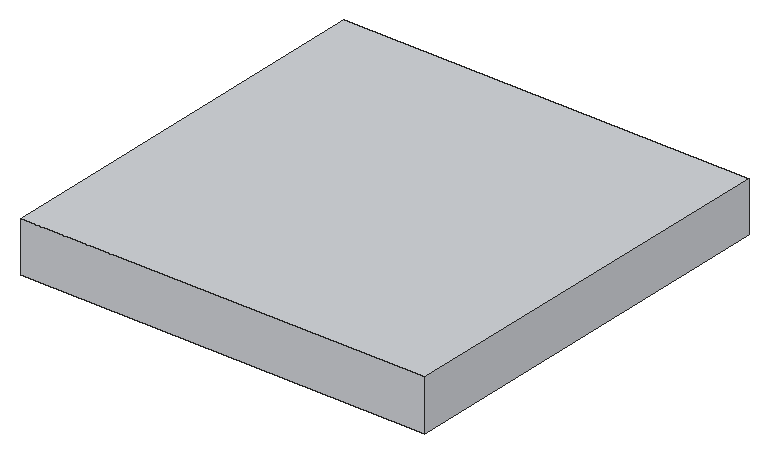
Revit family "90-6376-14-14", category Luminarias, Revit 2017
Family settings
  Anfitrión = Cara
  Cota de conector redondo = Diámetro de uso
  Tipo de pieza = Normal
  Número OmniClass = 23.80.70.00
  Título OmniClass = Lighting
  Corte con vacíos al cargar = No
  Origen de luz = No
  Compartido = Sí
  Punto de cálculo de habitación = No
Parameters (values of type "90-6376-14-14")
  Versión = "v1"
  Vatios (W) = 26.4
  Tipo de regulación = ""
  Tipo = "Downlight"
  Tender text (English) = "LEDS C4\nBento Standard 12 LEDS Trim\n90-6376-14-14\n\nDownlight for indoor use. \n\nFor downlighting. UGR &lt;10. Maximum visual comfort with invisible lamp effect. Structure material: Aluminium, Polycarbonate. Structure finish: White, Black. Warranty: 5 Years.\n\nProduct net weight (Kg): 0.390\nProduct length (mm): 332\nProduct width or diameter (mm): 46\nProduct height (mm): 50\nØ of the hole for recessing (mm): 40x328\nPermitted ceiling thickness: 0-18\n\nClass 3. Luminaire not suitable for coating with insulation materials. IP: IP23. LED. No. of lampholders or LEDs: 12. LED brand: CREE. Maximum power of light source: 26.4W. Colour temperature: LED warm-white 2700K. Colour rendering index: 90. MacAdam Steps: 3. Maximum diameter of luminaire bulb: 50.000h L80B20. Photobiological risk: RG2. Real flux (lm): 1459. Nominal flux (lm): 1520. Lm/Real W: 55. Voltage: 3. Gear included: No, but it is needed. Total power: 26.4."
  Tender text (Castellano) = "LEDS C4\nBento Standard 12 LEDS Trim\n90-6376-14-14\n\nLuminària de techo de uso interior para iluminar hacia abajo. \n\nUGR &lt;10. Alto confort visual con efecto de lámpara invisible. Material estructura: Aluminio, Policarbonato. Acabado estructura: Blanco, Negro. Garantía: 5 Años.\n\nPeso neto del producto (Kg): 0.390\nLongitud del producto (mm): 332\nAnchura o diámetro del producto (mm): 46\nAltura del producto (mm): 50\nØ del agujero para empotrar (mm): 40x328\nGrosor de techo admitido: 0-18\n\nClase 3. Luminaria no apta para ser recubierta con materiales aislantes. IP: IP23. LED. Nº de portalámparas o Leds: 12. Marca del LED: CREE. Potencia máxima de la fuente de luz: 26.4W. Temperatura de color: Blanco cálido - 2700K. Índice de reproducción cromática: 90. Steps Mac Adam: 3. Diámetro máximo de la bombilla que admite la luminaria: 50.000h L80B20. Riesgo fotobiológico: RG2. Flujo real (lm): 1459. Flujo nominal (lm): 1520. Lm/W reales: 55. Voltaje: 3. Equipo incluido: No, pero lo necesita. Potencia total: 26.4."
  Temperatura color led (K) = "Blanco cálido - 2700K"
  Referencia = "90-6376-14-14"
  Rayo de luz = ""
  Producto descatalogado = "Catalogado ES"
  Pluma comercial = "http://files.leds-c4.com/pl/90-6376-14-14.html"
  Peso neto (KG) = 0.39
  Material = "Aluminio, Policarbonato"
  Lumenes reales (lm) = 1459
  LDT = "http://files.leds-c4.com/ldt/90-6376-14-14.html"
  Imagen web = "http://files.leds-c4.com/main-photo/90-6376-14-14"
  IfcExportType = "NOTDEFINED"
  IfcExportAs = "IfcLightFixture\r\nIfcLightFixture"
  IP = "IP23"
  IMC = "http://files.leds-c4.com/imc/90-6376-14-14.html"
  IK = ""
  Fuente de luz = "12xLED 26.4 1520.00 lm"
  Fotometría = "http://files.leds-c4.com/fm/90-6376-14-14.html"
  Ficha = "http://files.leds-c4.com/ft/es/90-6376-14-14.html"
  FechaVersion = "Julio 2020"
  Familia = "Bento Standard 12 LEDS Trim"
  Fabricante = "LEDS C4"
  Etiqueta V/f = "max. 700mA"
  Elevación por defecto = 1000 mm
  Eficiencia energética = "LED A++"
  EAN13 = "8435526843954"
  DescripcionUniformat2010 = "Lighting"
  DescripcionUniclass2015 = "Lighting"
  DescripcionOmniclass = "Lighting"
  DescripcionGubimclass = "Iluminación interior"
  CodigoUniformat2010 = "D5040"
  CodigoUniclass2015 = "EF_70_80"
  CodigoOmniclass = "21-04 50 40"
  CodigoGubimclass = "50.60.50.20"
  Catálogo = "Technical"
  Carga aparente = 0 VA
  CRI = 90
  Acabado = "Blanco, Negro"
Types (2, lengths in mm): name | Lumenes reales (lm) | CRI
  (no name) | 0 | 0
  90-6376-14-14 | 1459 | 90
Values of the unnamed type that differ from the named types
  Vatios (W) = 0
  Tipo = ""
  Tender text (English) = ""
  Tender text (Castellano) = ""
  Temperatura color led (K) = ""
  Referencia = ""
  Producto descatalogado = ""
  Pluma comercial = ""
  Peso neto (KG) = 0
  Material = ""
  LDT = ""
  Imagen web = ""
  IP = ""
  IMC = ""
  Fuente de luz = ""
  Fotometría = ""
  Ficha = ""
  Familia = ""
  Etiqueta V/f = ""
  Eficiencia energética = ""
  EAN13 = ""
  Catálogo = ""
  Acabado = ""
Reference planes
  plane 1 "Centro (Frontal/Posterior)": y = 0
  plane 2: z = 0
  plane 3 "Centro (Izquierda/Derecha)": x = 0
  plane 4 "Elevación de origen de luz": z = 0
  plane 5 "Eje de origen de luz (F/P)": y = 0
  plane 6 "Eje de origen de luz (I/D)": x = 0
Forms (mm)
  Extrusion 1, solid
    sketch origin (0, 0, 0) x (1, 0, 0) y (0, 1, 0)
      loop
        line (-1219.2, 1219.2) -> (-1219.2, -1219.2) -> (1219.2, -1219.2) -> (1219.2, 1219.2) -> (-1219.2, 1219.2)
    from 0 to -304.8
Dimensions and locks
  aligned and locked: plane 2 to Extrusion 1
  aligned and locked: level to Extrusion 1
Connectors
  electrical at (0, 0, 0)
    settings: on Extrusion 1, index 1, voltage 0 V, apparent load 0 VA, apparent load phase1 0 VA, apparent load phase2 0 VA, apparent load phase3 0 VA, power factor 1, load classification "Otro", number of poles 1, system type 31, power factor state 1, is connector primary yes, connector utility no, sub classification motor no, connector description ""
